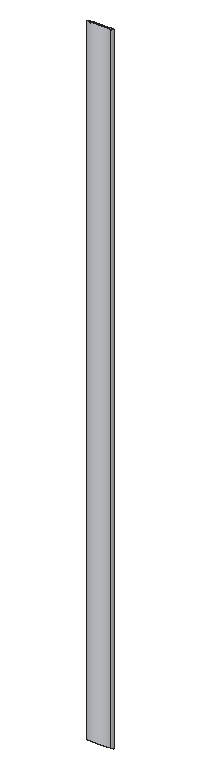
Revit family "2c2053b0270b4f2c9145c47a85e8056f", category Balusters, Revit 2021
Family settings
  OmniClass Number = 23.30.80.11.11.14
  OmniClass Title = Posts, Newel Posts, Pickets
  Seek Item ID = Baluster - Round-0000-USA-ENU
  Always vertical = Yes
  Cut with Voids When Loaded = No
  Shared = No
Parameters (values of type "1"")
  built-in parameter 1008623 [instance] = 32.47°
  built-in parameter 1008625 [instance] = (empty or 0)
  Post = no
  Diameter = 0' - 1"
  built-in parameter 1008624 [instance] = 32.47°
  Baluster Material = none
  built-in parameter 1008622 [instance] = 2' - 6"
Types (4): name | Diameter
  (no name) | 0' - 1"
  1" | 0' - 1"
  3/4" | 0' - 0 3/4"
  2" | 0' - 2"
Reference planes (in)
  plane 1 "Center (Front/Back)": y = 0
  plane 2: z = 0
  plane 3 "Center (Left/Right)": x = 0
  plane 4 "Top": z = 30
  plane 5 "Top Cut Angle": through (0, 13.58797, 21.35351) normal (0, -0.5369, -0.8437)
  plane 6: z = 39
  plane 7: x = -0.5
  plane 8: x = 0.5
  plane 9 "Bottom Cut Angle": through (0, 0, 0) normal (0, -0.5369, -0.8437)
  plane 10: z = -9
  plane 11: x = -1
  plane 12: x = 1
  plane 13: y = 1
  plane 14: y = -1
Forms (in)
  Extrusion 1, solid, material <- "Baluster Material"
    sketch origin (0, 0, 0) x (1, 0, 0) y (0, 1, 0)
      loop
        circle (0, 0) r 0.5
    from -9 to 39
  Extrusion 2, void
    sketch origin (0, 0, 0) x (0, 1, 0) y (0, 0, 1)
      loop
        line (-1, 39) -> (-1, 30.63633) -> (1, 29.36367) -> (1, 39) -> (-1, 39)
      loop
        line (1, -9) -> (1, -0.63633) -> (-1, 0.63633) -> (-1, -9) -> (1, -9)
    from -1 to 1
Cuts and joins
  Extrusion 2 cuts Extrusion 1
Dimensions and locks (in)
  "built-in parameter 1008622": plane 2 to plane 4 "Top"
  locked: plane 4 "Top" to plane 6 at 9
  equal spacing: plane 7, plane 3 "Center (Left/Right)", plane 8
  "Diameter": plane 7 to plane 8
  locked: level to plane 10 at 9
  "Diameter": plane 11 to plane 3 "Center (Left/Right)"
  "Diameter": plane 3 "Center (Left/Right)" to plane 12
  "Diameter": plane 1 "Center (Front/Back)" to plane 13
  "Diameter": plane 14 to plane 1 "Center (Front/Back)"
  "built-in parameter 1008623": angle plane 4 "Top" to plane 5 "Top Cut Angle"
  "built-in parameter 1008624": angle level to plane 9 "Bottom Cut Angle"
  aligned and locked: Extrusion 1 to plane 6
  aligned and locked: plane 11 to Extrusion 2
  aligned and locked: Extrusion 2 to plane 12
  aligned and locked: plane 6 to Extrusion 2 sketch curve
  aligned and locked: Extrusion 2 sketch curve to plane 13  (x2)
  aligned and locked: Extrusion 2 sketch curve to plane 14  (x2)
  aligned and locked: Extrusion 2 sketch curve to plane 10
  aligned and locked: Extrusion 2 sketch curve to plane 9 "Bottom Cut Angle"
  aligned and locked: Extrusion 2 to Extrusion 1
Automatic sketch dimensions
  Extrusion 1 sketch curve to plane 7 = 0' - 0"
  Extrusion 1 sketch curve to plane 1 "Center (Front/Back)" = 0' - 0"
  Extrusion 1 sketch curve to plane 3 "Center (Left/Right)" = 0' - 0"
  Extrusion 2 sketch curve to plane 5 "Top Cut Angle" = 0' - 0"  (x2)
